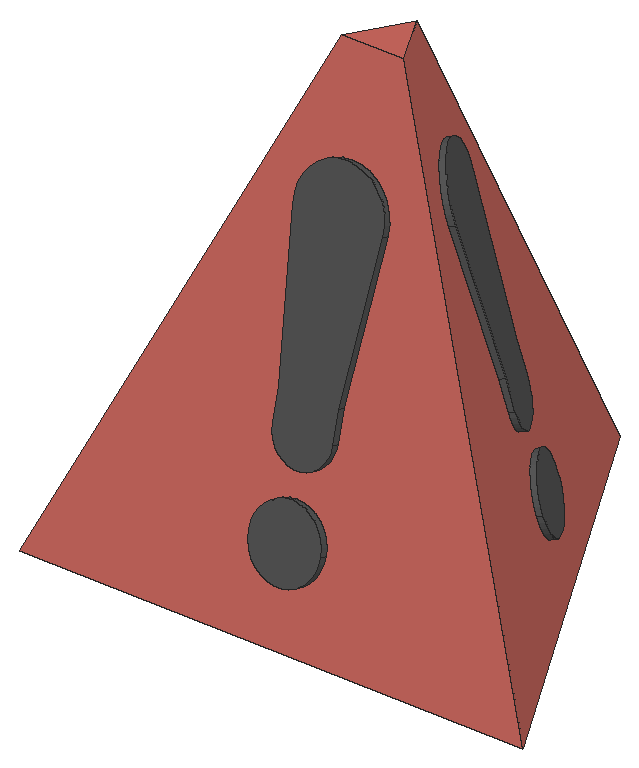
Revit family "Risk-PeoplePlantInterface", category Generic Models, Revit 2020
Family settings
  Can host rebar = No
  Round Connector Dimension = Use Diameter
  Part Type = Normal
  Work Plane-Based = No
  Always vertical = Yes
  Cut with Voids When Loaded = No
  Shared = No
  Room Calculation Point = Yes
Parameters
  Who is Likely to be Harmed [instance] = ""
  RiskBlock = Laminate, Red, Matte
  Risk Number [instance] = 0
  Risk Management Action Required [instance] = ""
  PD to include in Pre-Construct Info? [instance] = yes
  PD to include in Health and Safety File? [instance] = yes
  List Possible Hazards [instance] = ""
  Is the Risk Acceptable? [instance] = yes
  Exclamation = Laminate, Black
  Element of Design [instance] = ""
  Drawing/Spec. Reference [instance] = ""
  Default Elevation = 0 mm
  Date Risk or Hazard Removed & By Whom [instance] = ""
  Action Required By Who and By When [instance] = ""
Reference planes
  plane 1 "Center (Front/Back)": y = 0
  plane 2: z = 0
  plane 3 "Center (Left/Right)": x = 0
  plane 4 "Top": z = 800
Forms (mm)
  Extrusion 1, solid, material "Laminate, Black" <- "Exclamation"
    sketch origin (212.783, -257.679, -63.357) x (1, 0, 0) y (0, 0.254936, 0.966958)
      loop
        circle (-211.695, 212.66) r 60
      loop
        arc (-262.719, 362.315) -> (-212.378, 312.658) -> (-162.721, 362.999) r 50
        line (-162.721, 362.999) -> (-163.063, 412.997) -> (-140.104, 655.583)
        arc (-140.104, 655.583) -> (-215.283, 737.648) -> (-289.333, 654.563) r 75
        line (-289.333, 654.563) -> (-263.06, 412.314) -> (-262.719, 362.315)
    from 0 to 10
  Extrusion 2, solid, material "Laminate, Black" <- "Exclamation"
    sketch origin (222.945, 127.243, -62.445) x (-0.5, 0.866025, 0) y (-0.220211, -0.127139, 0.967131)
      loop
        circle (1.287, 211.098) r 60
      loop
        line (51.287, 361.098) -> (51.287, 411.098) -> (75.904, 653.521)
        arc (75.904, 653.521) -> (1.287, 736.098) -> (-73.329, 653.521) r 75
        line (-73.329, 653.521) -> (-48.713, 411.098) -> (-48.713, 361.098)
        arc (-48.713, 361.098) -> (1.287, 311.098) -> (51.287, 361.098) r 50
    from 0 to 10
  Extrusion 3, solid, material "Laminate, Black" <- "Exclamation"
    sketch origin (-216.457, 134.846, -61.837) x (-0.5, -0.866025, 0) y (0.218654, -0.12624, 0.967602)
      loop
        line (-75.018, 652.702) -> (-50.401, 410.278) -> (-50.401, 360.278)
        arc (-50.401, 360.278) -> (-0.401, 310.278) -> (49.599, 360.278) r 50
        line (49.599, 360.278) -> (49.599, 410.278) -> (74.215, 652.702)
        arc (74.215, 652.702) -> (-0.401, 735.278) -> (-75.018, 652.702) r 75
      loop
        circle (-0.401, 210.278) r 60
    from 10 to 0
  Blend 4, solid, material "Laminate, Red, Matte" <- "RiskBlock"
    base sketch origin (0, 0, 0) x (1, 0, 0) y (0, 1, 0)
      loop
        line (0.886, 479.025) -> (-414.806, -240.975) -> (416.578, -240.975) -> (0.886, 479.025)
    top sketch origin (0, 0, 0) x (1, 0, 0) y (0, 1, 0)
      loop
        line (-0.032, 59.943) -> (-51.993, -30.057) -> (51.93, -30.057) -> (-0.032, 59.943)
    from 0 to 800
Dimensions and locks
  plane 4 "Top" to plane 2 = 800 mm
  aligned and locked: level to plane 2
  aligned and locked: Extrusion 2 to Blend 4
Nested families
  nested 1: "RiskSymbol-PeoplePlantInterface" at (-0.962, 0, 0), type "RiskSymbol-PeoplePlantInterface"
Definition of nested family "RiskSymbol-PeoplePlantInterface"
  Reference planes
    plane 1: y = 0
    plane 2: x = 0
  Lines and regions (mm)
    Filled region 1, type "Red Fill"
      outline origin (0, 0, 0) x (1, 0, 0) y (0, 1, 0)
        loop
          arc (0.773, 4.44) -> (0.773, 3.69) -> (1.422, 3.315) r 0.75
          line (1.422, 3.315) -> (5.975, 3.315)
          arc (5.975, 3.315) -> (6.624, 3.69) -> (6.624, 4.44) r 0.75
          line (6.624, 4.44) -> (4.348, 8.383)
          arc (4.348, 8.383) -> (3.698, 8.758) -> (3.049, 8.383) r 0.75
          line (3.049, 8.383) -> (0.773, 4.44)
        loop
          line (-0.334, -4.477) -> (1.88, -4.477) -> (1.88, -3.677) -> (0.234, -3.007) -> (-0.728, 0.198) -> (-2.799, 0.198) -> (-2.799, 1.244)
          arc (-2.799, 1.244) -> (-3.249, 1.694) -> (-3.699, 1.244) r 0.45
          line (-3.699, 1.244) -> (-3.699, 0.198) -> (-4.907, 0.198) -> (-5.425, 2.657) -> (-7.099, 2.657) -> (-7.099, 1.857) -> (-5.865, 1.857) -> (-5.179, -1.394) -> (-7.099, -1.394) -> (-7.099, -2.187) -> (-2.794, -2.187)
          arc (-2.794, -2.187) -> (-2.018, -2.451) -> (-1.547, -3.123) r 1.32
          line (-1.547, -3.123) -> (-0.513, -3.123) -> (-0.334, -4.477)
        loop
          line (-7.099, -2.537) -> (-7.099, -4.477) -> (-2.81, -4.477)
          arc (-2.81, -4.477) -> (-1.84, -3.514) -> (-2.797, -2.537) r 0.97
          line (-2.797, -2.537) -> (-7.099, -2.537)
        loop
          line (3.083, 7.235) -> (3.299, 4.835) -> (4.099, 4.835) -> (4.316, 7.235) -> (3.083, 7.235)
        loop
          line (4.182, 3.735) -> (4.182, 4.59) -> (3.214, 4.59) -> (3.214, 3.735) -> (4.182, 3.735)
        loop
          line (1.595, 0.738) -> (2.395, 0.738) -> (2.395, 2.738) -> (1.595, 2.738) -> (1.595, 0.738)
        loop
          line (1.595, -2.938) -> (2.395, -2.938) -> (2.395, -0.938) -> (1.595, -0.938) -> (1.595, -2.938)
        loop
          line (5.801, 0.738) -> (5.801, 2.738) -> (5.001, 2.738) -> (5.001, 0.738) -> (5.801, 0.738)
        loop
          line (5.801, -2.938) -> (5.801, -0.938) -> (5.001, -0.938) -> (5.001, -2.938) -> (5.801, -2.938)
    Filled region 2, type "Red Fill"
      outline origin (0, 0, 0) x (1, 0, 0) y (0, 1, 0)
        loop
          line (7.322, -4.043) -> (7.322, -1.921)
          arc (7.322, -1.921) -> (7.602, -2.152) -> (7.882, -1.921) r 0.286
          arc (7.882, -1.921) -> (7.939, -0.863) -> (7.7, 0.169) r 3.787
          arc (7.7, 0.169) -> (7.443, 0.494) -> (7.047, 0.617) r 0.7
          line (7.047, 0.617) -> (6.168, 0.617)
          arc (6.168, 0.617) -> (5.772, 0.494) -> (5.514, 0.169) r 0.7
          arc (5.514, 0.169) -> (5.276, -0.863) -> (5.332, -1.921) r 3.787
          arc (5.332, -1.921) -> (5.612, -2.152) -> (5.893, -1.921) r 0.286
          line (5.893, -1.921) -> (5.893, -4.043)
          arc (5.893, -4.043) -> (6.25, -4.4) -> (6.607, -4.043) r 0.357
          arc (6.607, -4.043) -> (6.964, -4.4) -> (7.322, -4.043) r 0.357
        loop
          circle (6.607, 1.476) r 0.625
  Text (mm)
    text "Risk: People/Plant\nInterface" at (1.274, -9.317, 0)
